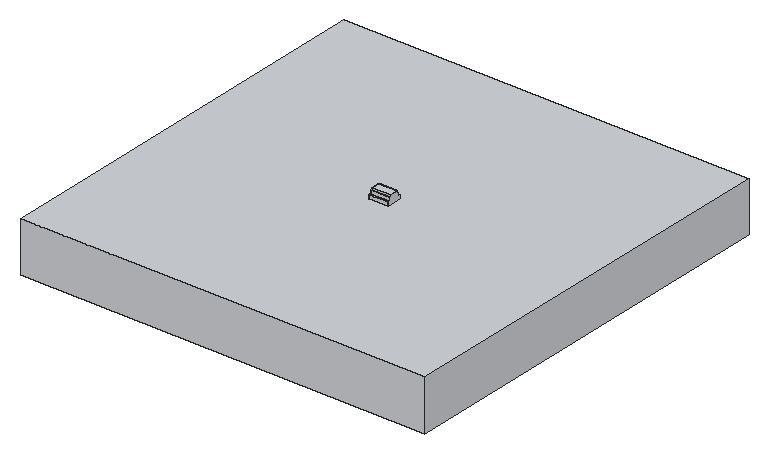
Revit family "Gira_128700", category Elektroinstallationen, Revit 2017
Family settings
  Basisbauteil = Fläche
  Beschriftungsausrichtung beibehalten = Nein
  Bemaßung runder Anschluss = Durchmesser verwenden
  Teiletyp = Normal
  Beim Laden mit Abzugskörper schneiden = Nein
  Gemeinsam genutzt = Nein
  Raumberechnungspunkt = Nein
Parameters (values of type "Steuergerät Audio REG Türko")
  Default Elevation = 1219.2 mm
  URL = "https://www.gira.de/"
  Typname = "Steuergerät Audio REG Türko"
  Type Comments = ""
  Stromart = "AC"
  Steuerfunktion = yes
  Serviceanzeigen = yes
  Schutzart (IP) = "IP20"
  Programmiersperre = no
  Produktseite = "https://media.live.bim.site/t/eyJhbGciOiJIUzI1NiIsInR5cCI6IkpXVCJ9.eyJjdCI6MiwidHUiOiJodHRwOi8va2F0YWxvZy5naXJhLmRlL2RlX0RFL2RhdGVuYmxhdHQuaHRtbD9hcnRpa2VsbnI9MTI4NzAwIiwiY2lkIjoiZmVkOThlOWEtMWJkOC00YzY4LWE3M2ItNzRhOTRlMzE1ODIzIiwicmlkIjoiOTllOTUxYTFjMWM0ZTg2NDk3YjJjN2YwMjkyYTM2MDkiLCJwaWQiOiIyYzkxM2UxNTJiMzNiODZmZjE0ZDliYTU5ZmRmODM1YWY4Mjk5Yjk5Iiwic2lkIjoiNjM0NzAiLCJ1dCI6MSwibGMiOiJkZSIsImlhdCI6MTYwNjk3ODUyNCwiaXNzIjoiaHR0cHM6Ly9hcGkubGl2ZS5iaW0uc2l0ZSIsInN1YiI6IjhkM2FhNWNiLWUwNjYtNDU5OC1iZTE2LTZlMTZlZTc0OTU2YSJ9.0LcmzvLB6ospojJrh1EvIpvd27FWXQbzeqA5bzGFezc"
  Model = ""
  Cost = 0
  Ist Zubehör = no
  Ist System = no
  Integrierte Türöffnerschaltung = yes
  Installationstechnik = "Bus-System"
  Hersteller = "Gira"
  HeinzeBIM = "https://www.heinze.de/bim/steuergeraet-audio-reg-tuerko/2c913e152b33b86ff14d9ba59fdf835af8299b99"
  HAN = "128700"
  GTIN = "4010337287001"
  Eingangsspannung [Volt] = 230
  Datenblatt 1 = "https://media.live.bim.site/t/eyJhbGciOiJIUzI1NiIsInR5cCI6IkpXVCJ9.eyJjdCI6MSwidGYiOiJwdWJsaWMvZ2lyYS8xMTljZWFmLzEyODcwMC50eHQiLCJjaWQiOiJmZWQ5OGU5YS0xYmQ4LTRjNjgtYTczYi03NGE5NGUzMTU4MjMiLCJyaWQiOiI5OWU5NTFhMWMxYzRlODY0OTdiMmM3ZjAyOTJhMzYwOSIsInBpZCI6IjJjOTEzZTE1MmIzM2I4NmZmMTRkOWJhNTlmZGY4MzVhZjgyOTliOTkiLCJzaWQiOiI2MzQ3MCIsInV0IjoxLCJsYyI6ImRlIiwiaWF0IjoxNjA2OTc4NTI0LCJpc3MiOiJodHRwczovL2FwaS5saXZlLmJpbS5zaXRlIiwic3ViIjoiOGQzYWE1Y2ItZTA2Ni00NTk4LWJlMTYtNmUxNmVlNzQ5NTZhIn0.1aj13scjx0D1J6lTS2E5MzPiNT7EHY3vV9MBLH4goBA/128700.txt"
  Datenblatt = "https://media.live.bim.site/t/eyJhbGciOiJIUzI1NiIsInR5cCI6IkpXVCJ9.eyJjdCI6MSwidHUiOiJodHRwczovL2thdGFsb2cuZ2lyYS5kZS9kZV9ERS9kb3dubG9hZC5odG1sP2FydGlrZWxucj0xMjg3MDAiLCJjaWQiOiJmZWQ5OGU5YS0xYmQ4LTRjNjgtYTczYi03NGE5NGUzMTU4MjMiLCJyaWQiOiI5OWU5NTFhMWMxYzRlODY0OTdiMmM3ZjAyOTJhMzYwOSIsInBpZCI6IjJjOTEzZTE1MmIzM2I4NmZmMTRkOWJhNTlmZGY4MzVhZjgyOTliOTkiLCJzaWQiOiI2MzQ3MCIsInV0IjoxLCJsYyI6ImRlIiwiaWF0IjoxNjA2OTc4NTI0LCJpc3MiOiJodHRwczovL2FwaS5saXZlLmJpbS5zaXRlIiwic3ViIjoiOGQzYWE1Y2ItZTA2Ni00NTk4LWJlMTYtNmUxNmVlNzQ5NTZhIn0.__XpJNAJF7DgtPbo9otpwFmFhzexT21uxaI90j7t96M"
  Beschreibung = "Steuergerät Audio  REG Merkmale:  Steuergerät zur Versorgung der Audiokomponenten des Gira Türkommunikationsbusses.  Versorgung des verpolungssicheren und kurzschlussfesten 2-Draht-Busses.  Selbstrückstellende elektronische Kurzschluss- und Überlasterkennung der Betriebsspannungen und des Busanschlusses.  Tasten für System- und Türöffnerprogrammierung.  LED-Statusanzeigen für Betrieb, Überlast, Systemprogrammierung und Türöffnerprogrammierung.  AC 12 V Ausgang zur Spannungsversorgung eines handelsüblichen Türöffners.  Permanenter AC 12 V Ausgang zur Spannungsversorgung eines TKS-TK-Gateways.  Relaisausgang zum Schalten eines Türöffners mit eigener Spannungsversorgung.  Türöffnerschaltzeit stufenlos von 1 bis 10 s einstellbar.  Hinweise :  Das Steuergerät Audio ist für den Einbau in die Unterverteilung vorgesehen. Ist dies nicht möglich, handelsüblichen Aufputzverteiler verwenden.  Mit dieser Komponente ist der Aufbau von Türkommunikationsanlagen mit bis zu 70 Teilnehmern möglich (z. B. 1 x Einbaulautsprecher, 5 x Erweiterungsmodul für Einbaulautsprecher, 68 x Wohnungsstation AP)."
  Assembly Code = ""
  Keynote = ""
  BIMSITE_PRODUCT_ID = "2c913e152b33b86ff14d9ba59fdf835af8299b99"
  BIM = "https://media.live.bim.site/t/eyJhbGciOiJIUzI1NiIsInR5cCI6IkpXVCJ9.eyJjdCI6MSwidGYiOiJwdWJsaWMvZ2lyYS8xMTljZWFmLzEyODcgMDBfUkVHIDYucmZhIiwiY2lkIjoiZmVkOThlOWEtMWJkOC00YzY4LWE3M2ItNzRhOTRlMzE1ODIzIiwicmlkIjoiOTllOTUxYTFjMWM0ZTg2NDk3YjJjN2YwMjkyYTM2MDkiLCJwaWQiOiIyYzkxM2UxNTJiMzNiODZmZjE0ZDliYTU5ZmRmODM1YWY4Mjk5Yjk5Iiwic2lkIjoiNjM0NzAiLCJ1dCI6NSwibGMiOiJkZSIsImlhdCI6MTYwNjk3ODUyNCwiaXNzIjoiaHR0cHM6Ly9hcGkubGl2ZS5iaW0uc2l0ZSIsInN1YiI6IjhkM2FhNWNiLWUwNjYtNDU5OC1iZTE2LTZlMTZlZTc0OTU2YSJ9.ZKpqiK4wGttS9HJi-A5VDq-x6Geq_2ah2NgxwiC_4iw/1287 00_REG 6.rfa"
  Auswertefunktion = no
  Ausgangsspannung [Volt] = 12
  Anzahl der anschließbaren Teilnehmer = 70
  Anwendung = "sonstige"
Reference planes
  plane 1 "Center (Front/Back)": y = 0
  plane 2: z = 0
  plane 3 "Center (Left/Right)": x = 0
Forms (mm)
  Extrusion 1, solid
    sketch origin (0, 0, 0) x (1, 0, 0) y (0, 1, 0)
      loop
        line (-1219.2, 1219.2) -> (-1219.2, -1219.2) -> (1219.2, -1219.2) -> (1219.2, 1219.2) -> (-1219.2, 1219.2)
    from 0 to -304.8
  Extrusion 2, solid, detail levels fine
    sketch origin (0, 0, 0) x (0, 1, 0) y (0, 0, 1)
      loop
        line (23, 49.5) -> (-23, 49.5) -> (-23, 39) -> (-30, 39) -> (-30, 20) -> (-43, 20) -> (-43, 0) -> (-41, 0) -> (-41, 18.5) -> (-28.5, 18.5) -> (-28.5, 37.5) -> (-21.5, 37.5) -> (-21.5, 45.5) -> (21.5, 45.5) -> (21.5, 37.5) -> (41, 37.5) -> (41, 0) -> (43, 0) -> (43, 39) -> (23, 39) -> (23, 49.5)
    from -56.45 to 56.45
  Extrusion 3, solid, detail levels fine
    sketch origin (-19.55, 0, 0) x (0, 1, 0) y (0, 0, 1)
      loop
        line (23, 49.5) -> (-23, 49.5) -> (-23, 39) -> (-30, 39) -> (-30, 20) -> (-43, 20) -> (-43, 0) -> (43, 0) -> (43, 20) -> (43, 39) -> (23, 39) -> (23, 49.5)
    from 76 to 78.5
  Extrusion 4, solid, detail levels fine
    sketch origin (19.55, 0, 0) x (0, 1, 0) y (0, 0, -1)
      loop
        line (23, -49.5) -> (23, -39) -> (43, -39) -> (43, -20) -> (43, 0) -> (-43, 0) -> (-43, -20) -> (-30, -20) -> (-30, -39) -> (-23, -39) -> (-23, -49.5) -> (23, -49.5)
    from 76 to 78.5
  Extrusion 5, solid, detail levels medium
    sketch origin (0, 0, 0) x (0, 1, 0) y (0, 0, 1)
      loop
        line (23, 49.5) -> (-23, 49.5) -> (-23, 39) -> (-30, 39) -> (-30, 20) -> (-43, 20) -> (-43, 0) -> (43, 0) -> (43, 20) -> (43, 39) -> (23, 39) -> (23, 49.5)
    from -58.95 to 58.95
  Extrusion 6, solid
    sketch origin (0, 0, 0) x (1, 0, 0) y (0, 1, 0)
      loop
        line (56.45, 41) -> (32.568, 41) -> (32.568, 30) -> (56.45, 30) -> (56.45, 41)
    from 18.5 to 39
  Extrusion 7, void
    sketch origin (0, 0, 0) x (1, 0, 0) y (0, 1, 0)
      loop
        line (58.95, 43) -> (33.95, 43) -> (33.95, 31.098) -> (58.95, 31.098) -> (58.95, 43)
    from 20 to 39
  Extrusion 8, solid, detail levels coarse
    sketch origin (0, 0, 0) x (1, 0, 0) y (0, 1, 0)
      loop
        line (-58.95, -43) -> (58.95, -43) -> (58.95, 43) -> (-58.95, 43) -> (-58.95, -43)
    from 0 to 49.5
Cuts and joins
  Extrusion 7 cuts Extrusion 2
  Extrusion 7 cuts Extrusion 3
  Extrusion 7 cuts Extrusion 5
  Extrusion 7 cuts Extrusion 6
Dimensions and locks
  aligned and locked: plane 2 to Extrusion 1
  aligned and locked: level to Extrusion 1
